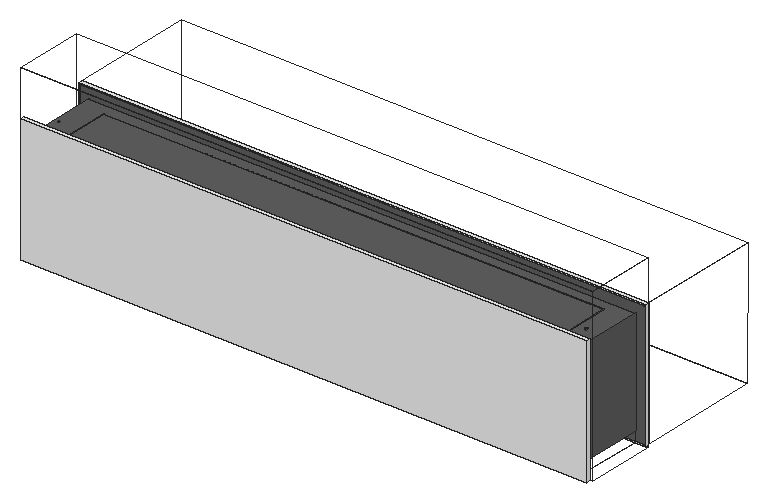
Revit family "AIRTECNICS_AIR CURTAIN_ZEN_DX_(MIDEA)123", category Mechanical Equipment, Revit 2016 (continued)
Types (4, lengths in mm): name | Weight | Triple Phase (External Ut.) | Single Phase (External Ut.) | REF | Product Size | Product Reference | Product Description | Power Fans | Noise Level (dB(A)) | Length | Gas Coil Volume | External Ut. Reference | Current Fans | COD | Apparent Load | Airflow | L
  ZEN ECG 1500 DX-MD | 57.00 kg | no | yes | 21 | "1500" | "ZEN ECG 1500 DX15-MD" | "Decorative energy saving heat pump air curtain in contemporary architectural style: Up to 70% reduction in costs and CO2 emissions (heating mode).\r\nIts minimalist and smart design integrates in any environment and offers infinite options to customize.\r\nThe panels can include logos, lighting, signage, safety or information signs, graphics, pictures, clocks, all according to customer specifications.\r\nFront anodized aluminium panels. Optionally manufactured in brushed or mirror polished stainless steel. Other materials are possible, such as galvanized steel, smooth or texturated skinplate, wood, etc.\r\nCentral structure made of galvanized steel finished in black forge as standard. Other colours are available on request. \r\nAnodized aluminium outlet vanes, airfoil shaped, adjustable in both directions.\r\nDouble-inlet centrifugal fans driven by an external rotor motor and low noise level. 5-speed selector. EC models assembled with very low consumption efficiency fans. \r\nIncludes only heating direct expansion coil with installed temperature sensors.\r\nIncludes Plug&Play control with 7m RJ45 cable and infrared remote control. \r\nReady to connect to MIDEA Inverter outdoor heat pump unit (R410A) with expansion valve, not included, the customer should purchase it.\r\nRequires MIDEA DX Interface KIT adapted for air curtain and KJR-86C-E programmable control, please consult.\r\nAir Volume: 2820 m3/h \r\nFans:  0,284 kW  2,48 A 230Vx1 50/60Hz\r\nHeating capacity: 15,32 kW\r\nDimensions: 291x473x1620 mm (depth, height, length)\r\nNOT SUPPLIED BY AIRTÈCNICS:\r\nMIDEA Interface DX kit and KJR-86C-E programmable control.\r\nExternal unit:\r\nOption 1: MOD30U-48HFN1-QRD0\r\nExternal unit with direct expansion valve Midea, single phase motor 230Vx1 50Hz.\r\nHeating capacity 16,1kW. Heating power: 4,4kW. COP 3,65.\r\nCooling capacity 14,1kW. Cooling power 5,1kW. EER 2,76.\r\nCooling circuits 5/8\" - 3/8\".\r\nMaximum length 65m.\r\nDesnivell màxim 30m.\r\nOption 2: MOD30U-48HFN1-RRD0\r\nExternal unit with direct expansion valve Midea, triple phase motor 400Vx3 50Hz.\r\nHeating capacity 16,1kW. Heating power: 4,4kW. COP 3,65.\r\nCooling capacity 14,1kW. Cooling power 5,1kW. EER 2,76.\r\nCooling circuits 5/8\" - 3/8\".\r\nMaximum length 65m.\r\nDesnivell màxim 30m." | 0.284 kW | 62 | 1620.0 | 3.00 L | "MOD30U-48HFN1-QRD0" | 2.48 A | 21 | 568 VA | 2920 m³/h | 1500.0
  ZEN ECG 1000 DX-MD | 40.00 kg | no | yes | 11 | "1000" | "ZEN ECG 1000 DX10-MD" | "Decorative energy saving heat pump air curtain in contemporary architectural style: Up to 70% reduction in costs and CO2 emissions (heating mode).\r\nIts minimalist and smart design integrates in any environment and offers infinite options to customize.\r\nThe panels can include logos, lighting, signage, safety or information signs, graphics, pictures, clocks, all according to customer specifications.\r\nFront anodized aluminium panels. Optionally manufactured in brushed or mirror polished stainless steel. Other materials are possible, such as galvanized steel, smooth or texturated skinplate, wood, etc.\r\nCentral structure made of galvanized steel finished in black forge as standard. Other colours are available on request. \r\nAnodized aluminium outlet vanes, airfoil shaped, adjustable in both directions.\r\nDouble-inlet centrifugal fans driven by an external rotor motor and low noise level. 5-speed selector. EC models assembled with very low consumption efficiency fans. \r\nIncludes only heating direct expansion coil with installed temperature sensors.\r\nIncludes Plug&Play control with 7m RJ45 cable and infrared remote control. \r\nReady to connect to MIDEA Inverter outdoor heat pump unit (R410A) with expansion valve, not included, the customer should purchase it.\r\nRequires MIDEA DX Interface KIT adapted for air curtain and KJR-86C-E programmable control, please consult.\r\nAir Volume: 2190 m3/h \r\nFans:  0,213 kW  1,86 A 230Vx1 50/60Hz\r\nHeating capacity: 9,70 kW\r\nDimensions: 291x473x1220 mm (depth, height, length)\r\nNOT SUPPLIED BY AIRTÈCNICS:\r\nMIDEA Interface DX kit and KJR-86C-E programmable control.\r\nExternal unit:\r\nOption 1: MOD30U-36HFN1-QRD0\r\nExternal unit with direct expansion valve Midea, single phase motor 230Vx1 50Hz.\r\nHeating capacity 11,1kW. Heating power: 2,9kW. SCOP 3,82.\r\nCooling capacity 10,5kW. Cooling power 3,95kW. SEER 2,65.\r\nCooling circuits 5/8\" - 3/8\".\r\nMaximum length 65m.\r\nDesnivell màxim 30m.\r\nOption 2: MOD30U-36HFN1-RRD0\r\nExternal unit with direct expansion valve Midea, triple phase motor 400Vx3 50Hz.\r\nHeating capacity 11,1kW. Heating power: 2,9kW. SCOP 3,82.\r\nCooling capacity 10,5kW. Cooling power 3,95kW. SEER 2,65.\r\nCooling circuits 5/8\" - 3/8\".\r\nMaximum length 65m.\r\nDesnivell màxim 30m." | 0.213 kW | 61 | 1220.0 | 1.80 L | "MOD30U-36HFN1-QRD0" | 1.86 A | 11 | 426 VA | 2190 m³/h | 1000.0
